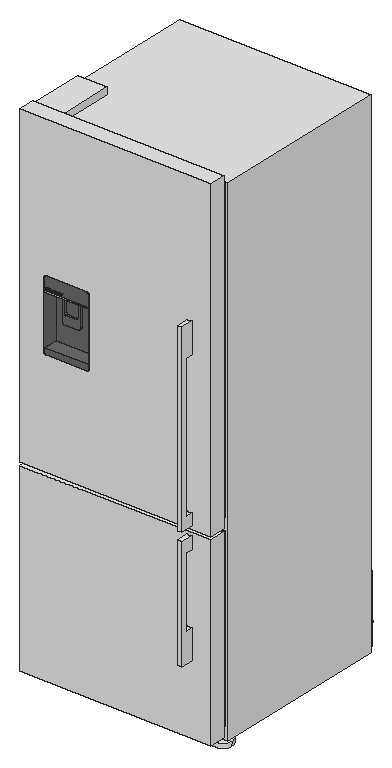
Revit family "Fisher & Paykel Fridge E402BLXFDU4", category Generic Models, host Floor, Revit 2013
Parameters
  URL = "www.fisherpaykel.com"
  Model = "E402BLXFDU4"
  Manufacturer = "Fisher&Paykel"
  Fridge = Fridge
  Designed by = "www.modlar.com"
  Description = "Fisher&Paykel Fridge E402BLXFDU4"
Reference planes
  plane 1 "Center (Front/Back)": y = 0
  plane 2: z = 0
  plane 3 "Center (Left/Right)": x = 0
Dimensions and locks
  equal spacing: host sketch curve, plane 1 "Center (Front/Back)", host sketch curve
  equal spacing: host sketch curve, plane 3 "Center (Left/Right)", host sketch curve
  host sketch curve to host sketch curve = 3048.000 mm  (x2)
  aligned and locked: level to plane 2
Nested families
  nested 1: "E402BLRXFDU4" at (0, 0, 0) x (-1, 0, 0) z (0, 0, 1), type "E402BLRXFDU4"
Definition of nested family "E402BLRXFDU4"
  Parameters (values of type "E402BLRXFDU4")
    Width = 635.000 mm
    URL = "www.fisherpaykel.com"
    Manufacturer = "Fisher&Paykel"
    Fridge = Fridge
    Model = "E402BLXFDU4"
    Height = 1715.000 mm
    Description = "Fisher&Paykel Fridge E402BLXFDU4"
    Depth = 665.000 mm
  Reference planes
    plane 1 "Center (Front/Back)": y = 0
    plane 2: z = 0
    plane 3 "Center (Left/Right)": x = 0
    plane 4: x = -317.5
    plane 5: y = 332.5
    plane 6: y = -332.5
    plane 7: x = 317.5
    plane 8: z = 1715
    plane 9: y = -277.5
    plane 10: z = 24
    plane 11: z = 41
    plane 12: z = 629
    plane 13: z = 639
    plane 14: y = -373.5
    plane 15: x = -254.138
    plane 16: x = -239.5
    plane 17: z = 1283.576
    plane 18: z = 648
    plane 19: z = 619
    plane 20: z = 246
    plane 21: z = 1688
    plane 22: y = -107.5
    plane 23: x = 316.5
    plane 24: y = 362.5
    plane 25: z = 255
    plane 26: z = 225
    plane 27: x = -297.5
    plane 28: x = 297.5
    plane 29: z = 85
    plane 30: x = 280
    plane 31: y = 382.5
    plane 32: z = 1709.5
    plane 33: z = 1688
    plane 34: y = -262.3
    plane 35: x = -309.7
    plane 36: x = 309.7
    plane 37: z = 1682.5
    plane 38: z = 686.5
    plane 39: z = 649
    plane 40: z = 63
    plane 41: z = 14
    plane 42: y = -215.5
    plane 43: y = -164.5
    plane 44: x = 283
    plane 45: z = 1610
    plane 46: x = 87.062
    plane 47: z = 1247.676
    plane 48 "Ice": y = -277.7
    plane 49: y = -243.577
    plane 50: y = -174.677
    plane 51: y = 266.823
  Forms (mm)
    Extrusion 1, solid, material "Fridge" <- "Fridge"
      sketch origin (0, 0, 0) x (1, 0, 0) y (0, 1, 0)
        loop
          line (-317, 332.5) -> (-317, -262.3) -> (317, -262.3) -> (317, 332.5) -> (-317, 332.5)
      from 24 to 1688
    Extrusion 2, solid, material "Fridge" <- "Fridge"
      sketch origin (0, 0, 0) x (1, 0, 0) y (0, 0, 1)
        loop
          line (-317.5, 41) -> (317.5, 41) -> (317.5, 653) -> (-317.5, 653) -> (-317.5, 41)
        loop
          line (-317.5, 663) -> (317.5, 663) -> (317.5, 1715) -> (-317.5, 1715) -> (-317.5, 663)
      from 277.5 to 332.5
    Extrusion 3, solid, material "Fridge" <- "Fridge"
      sketch origin (0.362, 0, 0) x (0, 1, 0) y (0, 0, 1)
        loop
          line (-373.5, 1283.576) -> (-373.5, 672.5) -> (-332.5, 672.5) -> (-332.5, 712.5) -> (-359.031, 712.5) -> (-359.031, 1183.576) -> (-332.5, 1183.576) -> (-332.5, 1283.576) -> (-373.5, 1283.576)
        loop
          line (-373.5, 643.5) -> (-373.5, 270.5) -> (-332.5, 270.5) -> (-332.5, 370.5) -> (-359.031, 370.5) -> (-359.031, 603.5) -> (-332.5, 603.5) -> (-332.5, 643.5) -> (-373.5, 643.5)
      from -254.5 to -239.5
    Extrusion 4, solid, material "Fridge" <- "Fridge"
      sketch origin (0, 0, 0) x (0, 1, 0) y (0, 0, 1)
        loop
          line (362.5, 24) -> (362.5, 248.611) -> (332.5, 278.611) -> (332.5, 24) -> (362.5, 24)
      from -297 to 297
    Extrusion 5, solid, material "Fridge" <- "Fridge"
      sketch origin (0, 0, 0) x (0, 1, 0) y (0, 0, 1)
        loop
          line (-277.5, 62.25) -> (-262.3, 62.25) -> (-262.3, 648.25) -> (-277.5, 648.25) -> (-277.5, 62.25)
        loop
          line (-277.5, 685.5) -> (-262.3, 685.5) -> (-262.3, 1682.4) -> (-277.5, 1682.4) -> (-277.5, 685.5)
      from -309.7 to 309.7
    Extrusion 6, solid, material "Fridge" <- "Fridge"
      sketch origin (0, -15.277, 0) x (1, 0, 0) y (0, 1, 0)
        loop
          circle (-288, -228.3) r 5
        loop
          circle (288, -228.3) r 5
      from 14 to 24
    Extrusion 7, solid, material "Fridge" <- "Fridge"
      sketch origin (0, -15.381, 0) x (1, 0, 0) y (0, 1, 0)
        loop
          circle (-288, -228.3) r 30
        loop
          circle (288, -228.3) r 30
      from 0 to 14
    Extrusion 8, solid, material "Fridge" <- "Fridge"
      sketch origin (0, 16.861, 0.038) x (0, 1, 0) y (0, 0, 1)
        loop
          line (-167.5, 23.962) -> (-215.5, 23.962)
          arc (-215.5, 23.962) -> (-191.5, -0.039) -> (-167.5, 23.962) r 24
        loop
          arc (225.962, 23.962) -> (249.962, -0.039) -> (273.962, 23.962) r 24
          line (273.962, 23.962) -> (225.962, 23.962)
      from 248 to 265
    Extrusion 9, solid, material "Fridge" <- "Fridge"
      sketch origin (0, -1.377, 0) x (0, 1, 0) y (0, 0, -1)
        loop
          arc (-149.262, -24) -> (-173.262, 0) -> (-197.262, -24) r 24
          line (-197.262, -24) -> (-149.262, -24)
        loop
          line (244.2, -24) -> (292.2, -24)
          arc (292.2, -24) -> (268.2, 0) -> (244.2, -24) r 24
      from 248 to 265
    Extrusion 10, solid, material "Fridge" <- "Fridge"
      sketch origin (0, 0, 0) x (1, 0, 0) y (0, 1, 0)
        loop
          line (218.9, -92.5) -> (218.9, -277.5) -> (315.9, -277.5) -> (315.9, -92.5) -> (218.9, -92.5)
      from 1688 to 1709.5
    Extrusion 11, void
      sketch origin (0, 0, 0) x (1, 0, 0) y (0, 0, 1)
        loop
          arc (95.062, 1247.676) -> (89.405, 1245.333) -> (87.062, 1239.676) r 8
          line (87.062, 1239.676) -> (87.062, 1020.076)
          arc (87.062, 1020.076) -> (89.405, 1014.419) -> (95.062, 1012.076) r 8
          line (95.062, 1012.076) -> (229.562, 1012.076)
          arc (229.562, 1012.076) -> (235.219, 1014.419) -> (237.562, 1020.076) r 8
          line (237.562, 1020.076) -> (237.562, 1239.676)
          arc (237.562, 1239.676) -> (235.219, 1245.333) -> (229.562, 1247.676) r 8
          line (229.562, 1247.676) -> (95.062, 1247.676)
      from 277.7 to 332.5
    Extrusion 12, solid, material "Fridge" <- "Fridge"
      sketch origin (0.486, 0, 0) x (-1, 0, 0) y (0, 0, -1)
        loop
          circle (280, -85) r 5
      from -362.5 to -382.5
  Cuts and joins
    Extrusion 11 cuts Extrusion 1
    Extrusion 11 cuts Extrusion 2
  Dimensions and locks
    equal spacing: plane 4, plane 3 "Center (Left/Right)", plane 7
    equal spacing: plane 5, plane 1 "Center (Front/Back)", plane 6
    "Depth": plane 5 to plane 6
    "Width": plane 4 to plane 7
    "Height": plane 8 to level
    plane 13 to plane 12 to plane 11 to plane 10 to level = 10.000 mm, 588.000 mm, 17.000 mm, 24.000 mm
    plane 14 to plane 6 = 41.000 mm
    plane 4 to plane 15 to plane 16 = 63.362 mm, 14.638 mm
    plane 21 to level = 1688.000 mm
    plane 22 to plane 9 = 170.000 mm
    plane 23 to plane 7 = 1.000 mm
    plane 24 to plane 6 = 695.000 mm
    level to plane 26 to plane 25 = 225.000 mm, 30.000 mm
    plane 4 to plane 27 = 20.000 mm
    plane 7 to plane 28 = 20.000 mm
    plane 29 to plane 10 = 61.000 mm
    plane 30 to plane 28 = 17.500 mm
    plane 31 to plane 24 = 20.000 mm
    plane 8 to plane 32 to plane 33 = 5.500 mm, 21.500 mm
    plane 34 to plane 9 = 15.200 mm
    plane 4 to plane 35 = 7.800 mm
    plane 7 to plane 36 = 7.800 mm
    plane 21 to plane 37 to plane 38 to plane 39 to plane 40 = 5.500 mm, 996.000 mm, 37.500 mm, 586.000 mm
    plane 10 to plane 41 = 10.000 mm
    plane 42 to plane 34 = 46.800 mm
    plane 6 to plane 9 to plane 34 = 55.000 mm, 15.200 mm
    plane 34 to plane 5 = 594.800 mm
    plane 20 to level = 246.000 mm
    plane 19 to level = 619.000 mm
    plane 12 to level = 629.000 mm
    plane 13 to level = 639.000 mm
    level to plane 18 = 648.000 mm
    level to plane 17 = 1283.576 mm
    plane 8 to plane 45 = 105.000 mm
    plane 4 to plane 15 = 63.362 mm
    plane 46 to Extrusion 2 = 404.562 mm
    plane 8 to plane 17 = 431.424 mm
    Extrusion 3 to Extrusion 3 = 611.076 mm
    Extrusion 3 to Extrusion 3 = 373.000 mm
    Extrusion 3 sketch curve to Extrusion 3 sketch curve = 100.000 mm
    Extrusion 2 to plane 47 = 467.324 mm
    locked: plane 50 to plane 49 at 68.9
    plane 51 to plane 50 = 441.500 mm
    aligned and locked: plane 2 to level
    aligned and locked: Extrusion 1 sketch curve to plane 5
    aligned and locked: Extrusion 1 to plane 10
    aligned and locked: Extrusion 2 sketch curve to plane 11
    aligned and locked: Extrusion 2 sketch curve to plane 4  (x2)
    aligned and locked: Extrusion 2 sketch curve to plane 7
    aligned and locked: plane 14 to Extrusion 3 sketch curve  (x2)
    aligned and locked: Extrusion 3 sketch curve to plane 6  (x2)
    aligned and locked: plane 21 to Extrusion 1
    aligned and locked: Extrusion 2 sketch curve to plane 8
    aligned and locked: plane 24 to Extrusion 4 sketch curve
    aligned and locked: plane 10 to Extrusion 4 sketch curve
    aligned and locked: plane 5 to Extrusion 4 sketch curve
    aligned and locked: Extrusion 1 sketch curve to plane 34
    aligned and locked: plane 9 to Extrusion 5 sketch curve  (x2)
    aligned and locked: Extrusion 5 sketch curve to plane 34  (x2)
    aligned and locked: Extrusion 6 to Extrusion 1
    aligned and locked: plane 41 to Extrusion 6
    aligned and locked: Extrusion 7 to level
    aligned and locked: Extrusion 7 to Extrusion 6
    aligned and locked: plane 6 to Extrusion 2
    aligned and locked: Extrusion 11 to plane 48 "Ice"
    aligned and locked: Extrusion 10 to plane 33
  Automatic sketch dimensions
    plane 4 to Extrusion 1 sketch curve = 0.500 mm
    plane 7 to Extrusion 1 sketch curve = 0.500 mm
    plane 7 to Extrusion 2 sketch curve = 0.000 mm
    Extrusion 2 sketch curve to plane 39 = 4.000 mm
    Extrusion 2 sketch curve to Extrusion 2 sketch curve = 10.000 mm
    Extrusion 3 sketch curve to plane 6 = 0.000 mm  (x2)
    plane 17 to Extrusion 3 sketch curve = 0.000 mm
    plane 14 to Extrusion 3 sketch curve = 14.469 mm  (x2)
    Extrusion 3 sketch curve to plane 38 = 26.000 mm
    plane 38 to Extrusion 3 sketch curve = 14.000 mm
    plane 13 to Extrusion 3 sketch curve = 4.500 mm
    plane 19 to Extrusion 3 sketch curve = 15.500 mm
    Extrusion 3 sketch curve to plane 25 = 115.500 mm
    Extrusion 3 sketch curve to plane 25 = 15.500 mm
    Extrusion 4 sketch curve to plane 20 = 2.611 mm
    Extrusion 4 sketch curve to plane 25 = 23.611 mm
    plane 40 to Extrusion 5 sketch curve = 0.750 mm
    Extrusion 5 sketch curve to plane 18 = 0.250 mm
    plane 38 to Extrusion 5 sketch curve = 1.000 mm
    plane 37 to Extrusion 5 sketch curve = 0.100 mm
    plane 27 to Extrusion 6 sketch curve = 9.500 mm
    plane 44 to Extrusion 6 sketch curve = 5.000 mm
    Extrusion 6 sketch curve to plane 34 = 18.723 mm  (x2)
    plane 27 to Extrusion 7 sketch curve = 9.500 mm
    plane 44 to Extrusion 7 sketch curve = 5.000 mm
    Extrusion 7 sketch curve to plane 34 = 18.619 mm  (x2)
    plane 10 to Extrusion 8 sketch curve = 0.000 mm  (x2)
    Extrusion 8 sketch curve to plane 42 = 16.861 mm
    Extrusion 8 sketch curve to plane 43 = 13.862 mm
    Extrusion 8 sketch curve to plane 5 = 89.677 mm
    Extrusion 8 sketch curve to plane 5 = 41.677 mm
    Extrusion 9 sketch curve to plane 10 = 0.000 mm  (x2)
    Extrusion 9 sketch curve to plane 42 = 16.861 mm
    Extrusion 9 sketch curve to plane 43 = 13.862 mm
    Extrusion 9 sketch curve to plane 5 = 89.677 mm
    Extrusion 9 sketch curve to plane 5 = 41.677 mm
    plane 9 to Extrusion 10 sketch curve = 0.000 mm
    Extrusion 10 sketch curve to plane 30 = 61.100 mm
    plane 22 to Extrusion 10 sketch curve = 15.000 mm
    Extrusion 10 sketch curve to plane 23 = 0.600 mm
    Extrusion 11 sketch curve to plane 46 = 0.000 mm
    Extrusion 11 sketch curve to plane 47 = 0.000 mm
    plane 46 to Extrusion 11 sketch curve = 8.000 mm  (x2)
    Extrusion 11 sketch curve to plane 47 = 235.600 mm
    Extrusion 11 sketch curve to plane 30 = 50.438 mm  (x2)
    Extrusion 11 sketch curve to plane 47 = 8.000 mm
    Extrusion 12 sketch curve to plane 29 = 0.000 mm
    Extrusion 12 sketch curve to plane 27 = 17.986 mm
    radius of Extrusion 6 sketch curve = 5.000 mm  (x2)
    radius of Extrusion 7 sketch curve = 30.000 mm  (x2)
    radius of Extrusion 12 sketch curve = 5.000 mm
  Nested families
    nested 1: "Ice maker" at (87.062, -277.7, 1012.076), type "Ice maker"
  Definition of nested family "Ice maker"
    Parameters (values of type "Ice maker")
      Right = yes
      Left = not(Right)  # no
      Ice maker = UHMW, Black
      Fridge = Fridge
      Frame = Steel, Polished
      Brand = none
    Reference planes
      plane 1 "Center (Front/Back)": y = 0
      plane 2: z = 0
      plane 3 "Center (Left/Right)": x = 0
      plane 4: y = -54.8
      plane 5: x = 150.5
      plane 6: z = 235.6
      plane 7: z = 20
      plane 8: z = 187.1
      plane 9: z = 192.6
      plane 10: z = 196.129
      plane 11: x = 5.31
      plane 12: x = 75.25
      plane 13 "ice": y = -27.4
      plane 14: y = -33.4
      plane 15: y = -30.4
      plane 16: z = 179.1
      plane 17: x = 1
      plane 18: x = 149.5
      plane 19: y = -5
      plane 20: x = 145.19
    Forms (mm)
      Extrusion 1, solid, material "Steel, Polished" <- "Frame"
        sketch origin (0, 0, 0) x (1, 0, 0) y (0, 0, 1)
          loop
            line (1, 187.1) -> (149.5, 187.1) -> (149.5, 192.6) -> (1, 192.6) -> (1, 187.1)
        from 0 to 54.8
      Extrusion 2, solid, material "UHMW, Black" <- "Ice maker"
        sketch origin (0, 0, 0) x (1, 0, 0) y (0, 0, 1)
          loop
            arc (8, 235.6) -> (2.343, 233.257) -> (0, 227.6) r 8
            line (0, 227.6) -> (0, 8)
            arc (0, 8) -> (2.343, 2.343) -> (8, 0) r 8
            line (8, 0) -> (142.5, 0)
            arc (142.5, 0) -> (148.157, 2.343) -> (150.5, 8) r 8
            line (150.5, 8) -> (150.5, 227.6)
            arc (150.5, 227.6) -> (148.157, 233.257) -> (142.5, 235.6) r 8
            line (142.5, 235.6) -> (8, 235.6)
          loop
            line (1, 192.6) -> (1, 20) -> (149.5, 20) -> (149.5, 192.6) -> (1, 192.6)
        from 0 to 54.8
      Extrusion 3, solid, material "Steel, Polished" <- "Frame", visible <- "Left"
        sketch origin (37.69, -18.414, 153.295) x (1, 0, 0) y (0, 0, 1)
          loop
            line (-30.953, 48.191) -> (-32.38, 42.834) -> (-31.094, 42.834) -> (-30.512, 45.035) -> (-27.529, 45.035) -> (-27.299, 45.885) -> (-30.282, 45.885) -> (-29.899, 47.34) -> (-26.756, 47.34) -> (-26.526, 48.191) -> (-30.953, 48.191)
          loop
            line (-26.37, 47.421) -> (-25.235, 47.421) -> (-25.024, 48.191) -> (-26.159, 48.191) -> (-26.37, 47.421)
          loop
            line (-26.592, 46.584) -> (-27.585, 42.834) -> (-26.45, 42.834) -> (-25.456, 46.584) -> (-26.592, 46.584)
          loop
            line (21.485, 42.834) -> (22.621, 42.834) -> (24.047, 48.191) -> (22.911, 48.191) -> (21.485, 42.834)
          loop
            spline (-19.682, 44.962) -> (-19.517, 45.32) -> (-19.341, 45.572) -> (-19.153, 45.737) -> (-18.952, 45.832) -> (-18.738, 45.876) -> (-18.508, 45.887) -> (-18.264, 45.882) -> (-18.022, 45.858) -> (-17.81, 45.8) -> (-17.657, 45.69) -> (-17.592, 45.513) -> (-17.643, 45.252)
            line (-17.643, 45.252) -> (-18.286, 42.834) -> (-17.152, 42.834) -> (-16.479, 45.379)
            spline (-16.479, 45.379) -> (-16.389, 45.941) -> (-16.539, 46.285) -> (-16.803, 46.475) -> (-17.067, 46.571) -> (-17.298, 46.611) -> (-17.511, 46.618) -> (-17.718, 46.618) -> (-17.94, 46.617) -> (-18.195, 46.613) -> (-18.507, 46.579) -> (-18.902, 46.407) -> (-19.41, 45.967)
            line (-19.41, 45.967) -> (-18.819, 48.191) -> (-19.953, 48.191) -> (-21.379, 42.834) -> (-20.244, 42.834) -> (-19.682, 44.962)
          loop
            line (-10.936, 46.584) -> (-11.93, 42.834) -> (-10.794, 42.834) -> (-10.213, 45.042)
            spline (-10.213, 45.042) -> (-10.076, 45.38) -> (-9.939, 45.609) -> (-9.796, 45.753) -> (-9.646, 45.834) -> (-9.484, 45.873) -> (-9.306, 45.893) -> (-9.115, 45.906) -> (-8.933, 45.895) -> (-8.784, 45.835) -> (-8.695, 45.704) -> (-8.689, 45.477) -> (-8.793, 45.132)
            line (-8.793, 45.132) -> (-7.722, 45.132)
            spline (-7.722, 45.132) -> (-7.605, 45.844) -> (-7.658, 46.21) -> (-7.808, 46.369) -> (-7.983, 46.455) -> (-8.159, 46.517) -> (-8.34, 46.555) -> (-8.531, 46.568) -> (-8.743, 46.561) -> (-8.983, 46.541) -> (-9.266, 46.475) -> (-9.612, 46.273) -> (-10.043, 45.842)
            line (-10.043, 45.842) -> (-9.801, 46.584) -> (-10.936, 46.584)
          loop
            line (9.569, 42.834) -> (10.392, 42.834)
            arc (10.392, 42.834) -> (10.001, 42.409) -> (9.549, 42.049) r 3.794
            arc (9.549, 42.049) -> (9.121, 41.885) -> (8.668, 41.959) r 0.881
            line (8.668, 41.959) -> (8.546, 41.188)
            arc (8.546, 41.188) -> (9.055, 41.176) -> (9.561, 41.241) r 3.394
            arc (9.561, 41.241) -> (10.199, 41.49) -> (10.719, 41.937) r 2.036
            arc (10.719, 41.937) -> (10.969, 42.261) -> (11.197, 42.601) r 6.112
            line (11.197, 42.601) -> (13.487, 46.584) -> (12.312, 46.584) -> (10.553, 43.42) -> (10.233, 46.584) -> (9.028, 46.584) -> (9.569, 42.834)
          loop
            line (14.08, 48.191) -> (12.646, 42.834) -> (13.782, 42.834) -> (14.223, 44.496) -> (15.035, 44.496) -> (16.119, 42.834) -> (17.378, 42.834) -> (15.943, 44.817) -> (18.042, 46.584) -> (16.873, 46.584) -> (15.227, 45.123) -> (14.395, 45.123) -> (15.206, 48.191) -> (14.08, 48.191)
          loop
            line (-1.576, 42.834) -> (-0.292, 42.834) -> (0.171, 44.56) -> (1.667, 44.56)
            spline (1.667, 44.56) -> (2.694, 44.606) -> (3.391, 44.734) -> (3.851, 44.93) -> (4.163, 45.179) -> (4.387, 45.479) -> (4.555, 45.835) -> (4.699, 46.253) -> (4.841, 46.732) -> (4.888, 47.232) -> (4.687, 47.686) -> (4.087, 48.027) -> (2.933, 48.191)
            line (2.933, 48.191) -> (-0.151, 48.191) -> (-1.576, 42.834)
          loop
            line (0.904, 47.34) -> (0.402, 45.444) -> (1.848, 45.444)
            spline (1.848, 45.444) -> (2.338, 45.429) -> (2.699, 45.492) -> (2.959, 45.62) -> (3.142, 45.799) -> (3.276, 46.016) -> (3.386, 46.255) -> (3.481, 46.504) -> (3.531, 46.746) -> (3.497, 46.966) -> (3.342, 47.149) -> (3.026, 47.279) -> (2.513, 47.34)
            line (2.513, 47.34) -> (0.904, 47.34)
          loop
            line (-14.963, 45.106) -> (-12.914, 45.106)
            spline (-12.914, 45.106) -> (-12.821, 45.458) -> (-12.859, 45.697) -> (-13.001, 45.845) -> (-13.218, 45.92) -> (-13.484, 45.946) -> (-13.77, 45.943) -> (-14.052, 45.926) -> (-14.315, 45.888) -> (-14.547, 45.807) -> (-14.739, 45.663) -> (-14.882, 45.436) -> (-14.963, 45.106)
          loop
            arc (-11.95, 44.545) -> (-11.803, 45.019) -> (-11.697, 45.504) r 5.692
            arc (-11.697, 45.504) -> (-11.756, 46.016) -> (-12.081, 46.416) r 0.918
            arc (-12.081, 46.416) -> (-13.12, 46.6) -> (-14.176, 46.585) r 5.573
            arc (-14.176, 46.585) -> (-15.14, 46.357) -> (-15.862, 45.678) r 1.918
            arc (-15.862, 45.678) -> (-16.288, 44.593) -> (-16.3, 43.427) r 3.23
            arc (-16.3, 43.427) -> (-15.896, 42.948) -> (-15.289, 42.794) r 1.025
            arc (-15.289, 42.794) -> (-14.279, 42.767) -> (-13.271, 42.836) r 10.666
            arc (-13.271, 42.836) -> (-12.426, 43.185) -> (-12.076, 44.03) r 1.194
            line (-12.076, 44.03) -> (-13.206, 44.03)
            spline (-13.206, 44.03) -> (-13.371, 43.751) -> (-13.583, 43.58) -> (-13.827, 43.493) -> (-14.091, 43.466) -> (-14.36, 43.476) -> (-14.621, 43.5) -> (-14.858, 43.532) -> (-15.056, 43.592) -> (-15.199, 43.702) -> (-15.268, 43.883) -> (-15.249, 44.157) -> (-15.124, 44.545)
            line (-15.124, 44.545) -> (-11.95, 44.545)
          loop
            line (18.517, 45.123) -> (20.565, 45.123)
            spline (20.565, 45.123) -> (20.658, 45.475) -> (20.62, 45.714) -> (20.479, 45.861) -> (20.262, 45.937) -> (19.996, 45.963) -> (19.709, 45.959) -> (19.427, 45.943) -> (19.165, 45.905) -> (18.932, 45.824) -> (18.74, 45.68) -> (18.598, 45.453) -> (18.517, 45.123)
          loop
            arc (21.53, 44.562) -> (21.677, 45.036) -> (21.782, 45.521) r 5.692
            arc (21.782, 45.521) -> (21.724, 46.033) -> (21.399, 46.432) r 0.918
            arc (21.399, 46.432) -> (20.359, 46.617) -> (19.303, 46.602) r 5.573
            arc (19.303, 46.602) -> (18.339, 46.374) -> (17.617, 45.695) r 1.918
            arc (17.617, 45.695) -> (17.192, 44.61) -> (17.179, 43.444) r 3.23
            arc (17.179, 43.444) -> (17.583, 42.965) -> (18.191, 42.811) r 1.025
            arc (18.191, 42.811) -> (19.201, 42.784) -> (20.209, 42.852) r 10.666
            arc (20.209, 42.852) -> (21.053, 43.202) -> (21.403, 44.047) r 1.194
            line (21.403, 44.047) -> (20.274, 44.047)
            spline (20.274, 44.047) -> (20.109, 43.768) -> (19.897, 43.597) -> (19.652, 43.51) -> (19.389, 43.483) -> (19.119, 43.493) -> (18.859, 43.517) -> (18.621, 43.549) -> (18.423, 43.609) -> (18.281, 43.719) -> (18.211, 43.9) -> (18.231, 44.174) -> (18.355, 44.562)
            line (18.355, 44.562) -> (21.53, 44.562)
          loop
            spline (8.727, 45.284) -> (8.767, 45.928) -> (8.592, 46.284) -> (8.282, 46.453) -> (7.919, 46.532) -> (7.547, 46.581) -> (7.16, 46.613) -> (6.754, 46.635) -> (6.321, 46.653) -> (5.868, 46.636) -> (5.423, 46.498) -> (5.014, 46.149) -> (4.67, 45.5)
            line (4.67, 45.5) -> (5.814, 45.5)
            arc (5.814, 45.5) -> (5.967, 45.868) -> (6.335, 46.02) r 0.521
            arc (6.335, 46.02) -> (6.897, 46.061) -> (7.449, 45.943) r 2.007
            arc (7.449, 45.943) -> (7.583, 45.269) -> (7.371, 44.615) r 1.364
            spline (7.371, 44.615) -> (6.424, 45.044) -> (5.63, 45.037) -> (5.005, 44.895) -> (4.533, 44.62) -> (4.211, 44.207) -> (4.069, 43.733) -> (4.108, 43.327) -> (4.335, 43.062) -> (4.808, 42.891) -> (5.514, 42.795) -> (6.382, 42.886) -> (7.26, 43.62)
            line (7.26, 43.62) -> (6.939, 42.834) -> (8.074, 42.834) -> (8.727, 45.284)
          loop
            spline (-25.881, 44.015) -> (-25.255, 42.812) -> (-23.957, 42.72) -> (-22.857, 42.862) -> (-22.011, 43.217) -> (-21.479, 43.851) -> (-21.425, 44.564) -> (-22.045, 44.999) -> (-23.23, 45.073) -> (-24.086, 45.198) -> (-24.196, 45.636) -> (-23.255, 46.038) -> (-22.313, 45.557)
            line (-22.313, 45.557) -> (-21.218, 45.557)
            spline (-21.218, 45.557) -> (-21.772, 46.528) -> (-22.971, 46.655) -> (-24.028, 46.598) -> (-24.852, 46.281) -> (-25.276, 45.566) -> (-25.313, 44.789) -> (-24.554, 44.462) -> (-23.468, 44.41) -> (-22.718, 44.271) -> (-22.607, 43.826) -> (-23.648, 43.358) -> (-24.592, 44.015)
            line (-24.592, 44.015) -> (-25.881, 44.015)
          loop
            arc (-2.802, 43.918) -> (-2.582, 44.437) -> (-2.453, 44.986) r 3.302
            line (-2.453, 44.986) -> (-3.196, 45.227)
            arc (-3.196, 45.227) -> (-3.295, 44.819) -> (-3.413, 44.415) r 8.608
            line (-3.413, 44.415) -> (-4.724, 45.477)
            spline (-4.724, 45.477) -> (-2.926, 45.913) -> (-2.429, 46.343) -> (-2.214, 46.922) -> (-2.312, 47.512) -> (-2.737, 47.807) -> (-3.315, 47.955) -> (-3.996, 48.038) -> (-4.775, 48.04) -> (-5.5, 47.89) -> (-6.064, 47.528) -> (-6.458, 46.921) -> (-6.256, 45.661)
            spline (-6.256, 45.661) -> (-7.342, 45.209) -> (-7.649, 44.733) -> (-7.781, 44.258) -> (-7.865, 43.731) -> (-7.774, 43.274) -> (-7.431, 43.02) -> (-6.975, 42.879) -> (-6.484, 42.802) -> (-5.939, 42.775) -> (-5.243, 42.772) -> (-4.344, 42.861) -> (-3.352, 43.364)
            line (-3.352, 43.364) -> (-2.466, 42.663) -> (-1.914, 43.215) -> (-2.802, 43.918)
          loop
            spline (-5.654, 45.33) -> (-6.41, 45.069) -> (-6.703, 44.63) -> (-6.848, 44.173) -> (-6.91, 43.787) -> (-6.825, 43.52) -> (-6.595, 43.372) -> (-6.273, 43.299) -> (-5.886, 43.268) -> (-5.406, 43.26) -> (-4.799, 43.263) -> (-4.149, 43.364) -> (-3.637, 43.735)
            line (-3.637, 43.735) -> (-5.654, 45.33)
          loop
            line (-5.087, 45.771) -> (-4.053, 45.935)
            spline (-4.053, 45.935) -> (-3.356, 46.297) -> (-3.248, 46.698) -> (-3.281, 46.97) -> (-3.456, 47.117) -> (-3.774, 47.172) -> (-4.164, 47.178) -> (-4.56, 47.158) -> (-4.909, 47.108) -> (-5.187, 47.005) -> (-5.427, 46.785) -> (-5.548, 46.388) -> (-5.087, 45.771)
          loop
            arc (6.715, 43.641) -> (6.681, 44.18) -> (6.217, 44.456) r 0.578
            arc (6.217, 44.456) -> (5.822, 44.446) -> (5.434, 44.377) r 2.611
            arc (5.434, 44.377) -> (5.07, 44.096) -> (5.024, 43.64) r 0.582
            arc (5.024, 43.64) -> (5.404, 43.436) -> (5.819, 43.315) r 2.102
            arc (5.819, 43.315) -> (6.311, 43.356) -> (6.715, 43.641) r 0.942
        from 36.386 to 37.386
      Extrusion 4, solid, material "UHMW, Black" <- "Ice maker"
        sketch origin (0, -27.4, 0) x (0, 0, 1) y (-1, 0, 0)
          loop
            line (187.1, -45.25) -> (105.1, -45.25)
            arc (105.1, -45.25) -> (99.443, -47.593) -> (97.1, -53.25) r 8
            line (97.1, -53.25) -> (97.1, -97.25)
            arc (97.1, -97.25) -> (99.443, -102.907) -> (105.1, -105.25) r 8
            line (105.1, -105.25) -> (187.1, -105.25) -> (187.1, -98.75) -> (133.6, -98.75)
            arc (133.6, -98.75) -> (128.297, -96.553) -> (126.1, -91.25) r 7.5
            line (126.1, -91.25) -> (126.1, -59.25)
            arc (126.1, -59.25) -> (128.297, -53.947) -> (133.6, -51.75) r 7.5
            line (133.6, -51.75) -> (187.1, -51.75) -> (187.1, -45.25)
        from 0 to 6
      Extrusion 5, solid, material "Steel, Polished" <- "Frame"
        sketch origin (0, 0, 0) x (1, 0, 0) y (0, 1, 0)
          loop
            circle (75.25, -30.4) r 7.5
        from 179.1 to 187.1
      Extrusion 6, solid, material "UHMW, Black" <- "Ice maker"
        sketch origin (0, -27.4, 0) x (0, 0, 1) y (-1, 0, 0)
          loop
            line (187.1, -1) -> (20, -1) -> (20, -149.5) -> (187.1, -149.5) -> (187.1, -1)
        from -27.4 to -22.4
      Extrusion 7, solid, material "Steel, Polished" <- "Frame", visible <- "Right"
        sketch origin (112.81, -18.414, 153.295) x (-1, 0, 0) y (0, 0, -1)
          loop
            line (-30.953, -48.191) -> (-26.526, -48.191) -> (-26.756, -47.34) -> (-29.899, -47.34) -> (-30.282, -45.885) -> (-27.299, -45.885) -> (-27.529, -45.035) -> (-30.512, -45.035) -> (-31.094, -42.834) -> (-32.38, -42.834) -> (-30.953, -48.191)
          loop
            line (-26.37, -47.421) -> (-26.159, -48.191) -> (-25.024, -48.191) -> (-25.235, -47.421) -> (-26.37, -47.421)
          loop
            line (-26.592, -46.584) -> (-25.456, -46.584) -> (-26.45, -42.834) -> (-27.585, -42.834) -> (-26.592, -46.584)
          loop
            line (21.485, -42.834) -> (22.911, -48.191) -> (24.047, -48.191) -> (22.621, -42.834) -> (21.485, -42.834)
          loop
            line (-19.682, -44.962) -> (-20.244, -42.834) -> (-21.379, -42.834) -> (-19.953, -48.191) -> (-18.819, -48.191) -> (-19.41, -45.967)
            spline (-19.41, -45.967) -> (-18.902, -46.407) -> (-18.507, -46.579) -> (-18.195, -46.613) -> (-17.94, -46.617) -> (-17.718, -46.618) -> (-17.511, -46.618) -> (-17.298, -46.611) -> (-17.067, -46.571) -> (-16.803, -46.475) -> (-16.539, -46.285) -> (-16.389, -45.941) -> (-16.479, -45.379)
            line (-16.479, -45.379) -> (-17.152, -42.834) -> (-18.286, -42.834) -> (-17.643, -45.252)
            spline (-17.643, -45.252) -> (-17.592, -45.513) -> (-17.657, -45.69) -> (-17.81, -45.8) -> (-18.022, -45.858) -> (-18.264, -45.882) -> (-18.508, -45.887) -> (-18.738, -45.876) -> (-18.952, -45.832) -> (-19.153, -45.737) -> (-19.341, -45.572) -> (-19.517, -45.32) -> (-19.682, -44.962)
          loop
            line (-10.936, -46.584) -> (-9.801, -46.584) -> (-10.043, -45.842)
            spline (-10.043, -45.842) -> (-9.612, -46.273) -> (-9.266, -46.475) -> (-8.983, -46.541) -> (-8.743, -46.561) -> (-8.531, -46.568) -> (-8.34, -46.555) -> (-8.159, -46.517) -> (-7.983, -46.455) -> (-7.808, -46.369) -> (-7.658, -46.21) -> (-7.605, -45.844) -> (-7.722, -45.132)
            line (-7.722, -45.132) -> (-8.793, -45.132)
            spline (-8.793, -45.132) -> (-8.689, -45.477) -> (-8.695, -45.704) -> (-8.784, -45.835) -> (-8.933, -45.895) -> (-9.115, -45.906) -> (-9.306, -45.893) -> (-9.484, -45.873) -> (-9.646, -45.834) -> (-9.796, -45.753) -> (-9.939, -45.609) -> (-10.076, -45.38) -> (-10.213, -45.042)
            line (-10.213, -45.042) -> (-10.794, -42.834) -> (-11.93, -42.834) -> (-10.936, -46.584)
          loop
            line (9.569, -42.834) -> (9.028, -46.584) -> (10.233, -46.584) -> (10.553, -43.42) -> (12.312, -46.584) -> (13.487, -46.584) -> (11.197, -42.601)
            arc (11.197, -42.601) -> (10.969, -42.261) -> (10.719, -41.937) r 6.112
            arc (10.719, -41.937) -> (10.199, -41.49) -> (9.561, -41.241) r 2.036
            arc (9.561, -41.241) -> (9.055, -41.176) -> (8.546, -41.188) r 3.394
            line (8.546, -41.188) -> (8.668, -41.959)
            arc (8.668, -41.959) -> (9.121, -41.885) -> (9.549, -42.049) r 0.881
            arc (9.549, -42.049) -> (10.001, -42.409) -> (10.392, -42.834) r 3.794
            line (10.392, -42.834) -> (9.569, -42.834)
          loop
            line (14.08, -48.191) -> (15.206, -48.191) -> (14.395, -45.123) -> (15.227, -45.123) -> (16.873, -46.584) -> (18.042, -46.584) -> (15.943, -44.817) -> (17.378, -42.834) -> (16.119, -42.834) -> (15.035, -44.496) -> (14.223, -44.496) -> (13.782, -42.834) -> (12.646, -42.834) -> (14.08, -48.191)
          loop
            line (-1.576, -42.834) -> (-0.151, -48.191) -> (2.933, -48.191)
            spline (2.933, -48.191) -> (4.087, -48.027) -> (4.687, -47.686) -> (4.888, -47.232) -> (4.841, -46.732) -> (4.699, -46.253) -> (4.555, -45.835) -> (4.387, -45.479) -> (4.163, -45.179) -> (3.851, -44.93) -> (3.391, -44.734) -> (2.694, -44.606) -> (1.667, -44.56)
            line (1.667, -44.56) -> (0.171, -44.56) -> (-0.292, -42.834) -> (-1.576, -42.834)
          loop
            line (0.904, -47.34) -> (2.513, -47.34)
            spline (2.513, -47.34) -> (3.026, -47.279) -> (3.342, -47.149) -> (3.497, -46.966) -> (3.531, -46.746) -> (3.481, -46.504) -> (3.386, -46.255) -> (3.276, -46.016) -> (3.142, -45.799) -> (2.959, -45.62) -> (2.699, -45.492) -> (2.338, -45.429) -> (1.848, -45.444)
            line (1.848, -45.444) -> (0.402, -45.444) -> (0.904, -47.34)
          loop
            spline (-14.963, -45.106) -> (-14.882, -45.436) -> (-14.739, -45.663) -> (-14.547, -45.807) -> (-14.315, -45.888) -> (-14.052, -45.926) -> (-13.77, -45.943) -> (-13.484, -45.946) -> (-13.218, -45.92) -> (-13.001, -45.845) -> (-12.859, -45.697) -> (-12.821, -45.458) -> (-12.914, -45.106)
            line (-12.914, -45.106) -> (-14.963, -45.106)
          loop
            line (-11.95, -44.545) -> (-15.124, -44.545)
            spline (-15.124, -44.545) -> (-15.249, -44.157) -> (-15.268, -43.883) -> (-15.199, -43.702) -> (-15.056, -43.592) -> (-14.858, -43.532) -> (-14.621, -43.5) -> (-14.36, -43.476) -> (-14.091, -43.466) -> (-13.827, -43.493) -> (-13.583, -43.58) -> (-13.371, -43.751) -> (-13.206, -44.03)
            line (-13.206, -44.03) -> (-12.076, -44.03)
            arc (-12.076, -44.03) -> (-12.426, -43.185) -> (-13.271, -42.836) r 1.194
            arc (-13.271, -42.836) -> (-14.279, -42.767) -> (-15.289, -42.794) r 10.666
            arc (-15.289, -42.794) -> (-15.896, -42.948) -> (-16.3, -43.427) r 1.025
            arc (-16.3, -43.427) -> (-16.288, -44.593) -> (-15.862, -45.678) r 3.23
            arc (-15.862, -45.678) -> (-15.14, -46.357) -> (-14.176, -46.585) r 1.918
            arc (-14.176, -46.585) -> (-13.12, -46.6) -> (-12.081, -46.416) r 5.573
            arc (-12.081, -46.416) -> (-11.756, -46.016) -> (-11.697, -45.504) r 0.918
            arc (-11.697, -45.504) -> (-11.803, -45.019) -> (-11.95, -44.545) r 5.692
          loop
            spline (18.517, -45.123) -> (18.598, -45.453) -> (18.74, -45.68) -> (18.932, -45.824) -> (19.165, -45.905) -> (19.427, -45.943) -> (19.709, -45.959) -> (19.996, -45.963) -> (20.262, -45.937) -> (20.479, -45.861) -> (20.62, -45.714) -> (20.658, -45.475) -> (20.565, -45.123)
            line (20.565, -45.123) -> (18.517, -45.123)
          loop
            line (21.53, -44.562) -> (18.355, -44.562)
            spline (18.355, -44.562) -> (18.231, -44.174) -> (18.211, -43.9) -> (18.281, -43.719) -> (18.423, -43.609) -> (18.621, -43.549) -> (18.859, -43.517) -> (19.119, -43.493) -> (19.389, -43.483) -> (19.652, -43.51) -> (19.897, -43.597) -> (20.109, -43.768) -> (20.274, -44.047)
            line (20.274, -44.047) -> (21.403, -44.047)
            arc (21.403, -44.047) -> (21.053, -43.202) -> (20.209, -42.852) r 1.194
            arc (20.209, -42.852) -> (19.201, -42.784) -> (18.191, -42.811) r 10.666
            arc (18.191, -42.811) -> (17.583, -42.965) -> (17.179, -43.444) r 1.025
            arc (17.179, -43.444) -> (17.192, -44.61) -> (17.617, -45.695) r 3.23
            arc (17.617, -45.695) -> (18.339, -46.374) -> (19.303, -46.602) r 1.918
            arc (19.303, -46.602) -> (20.359, -46.617) -> (21.399, -46.432) r 5.573
            arc (21.399, -46.432) -> (21.724, -46.033) -> (21.782, -45.521) r 0.918
            arc (21.782, -45.521) -> (21.677, -45.036) -> (21.53, -44.562) r 5.692
          loop
            line (8.727, -45.284) -> (8.074, -42.834) -> (6.939, -42.834) -> (7.26, -43.62)
            spline (7.26, -43.62) -> (6.382, -42.886) -> (5.514, -42.795) -> (4.808, -42.891) -> (4.335, -43.062) -> (4.108, -43.327) -> (4.069, -43.733) -> (4.211, -44.207) -> (4.533, -44.62) -> (5.005, -44.895) -> (5.63, -45.037) -> (6.424, -45.044) -> (7.371, -44.615)
            arc (7.371, -44.615) -> (7.583, -45.269) -> (7.449, -45.943) r 1.364
            arc (7.449, -45.943) -> (6.897, -46.061) -> (6.335, -46.02) r 2.007
            arc (6.335, -46.02) -> (5.967, -45.868) -> (5.814, -45.5) r 0.521
            line (5.814, -45.5) -> (4.67, -45.5)
            spline (4.67, -45.5) -> (5.014, -46.149) -> (5.423, -46.498) -> (5.868, -46.636) -> (6.321, -46.653) -> (6.754, -46.635) -> (7.16, -46.613) -> (7.547, -46.581) -> (7.919, -46.532) -> (8.282, -46.453) -> (8.592, -46.284) -> (8.767, -45.928) -> (8.727, -45.284)
          loop
            line (-25.881, -44.015) -> (-24.592, -44.015)
            spline (-24.592, -44.015) -> (-23.648, -43.358) -> (-22.607, -43.826) -> (-22.718, -44.271) -> (-23.468, -44.41) -> (-24.554, -44.462) -> (-25.313, -44.789) -> (-25.276, -45.566) -> (-24.852, -46.281) -> (-24.028, -46.598) -> (-22.971, -46.655) -> (-21.772, -46.528) -> (-21.218, -45.557)
            line (-21.218, -45.557) -> (-22.313, -45.557)
            spline (-22.313, -45.557) -> (-23.255, -46.038) -> (-24.196, -45.636) -> (-24.086, -45.198) -> (-23.23, -45.073) -> (-22.045, -44.999) -> (-21.425, -44.564) -> (-21.479, -43.851) -> (-22.011, -43.217) -> (-22.857, -42.862) -> (-23.957, -42.72) -> (-25.255, -42.812) -> (-25.881, -44.015)
          loop
            line (-2.802, -43.918) -> (-1.914, -43.215) -> (-2.466, -42.663) -> (-3.352, -43.364)
            spline (-3.352, -43.364) -> (-4.344, -42.861) -> (-5.243, -42.772) -> (-5.939, -42.775) -> (-6.484, -42.802) -> (-6.975, -42.879) -> (-7.431, -43.02) -> (-7.774, -43.274) -> (-7.865, -43.731) -> (-7.781, -44.258) -> (-7.649, -44.733) -> (-7.342, -45.209) -> (-6.256, -45.661)
            spline (-6.256, -45.661) -> (-6.458, -46.921) -> (-6.064, -47.528) -> (-5.5, -47.89) -> (-4.775, -48.04) -> (-3.996, -48.038) -> (-3.315, -47.955) -> (-2.737, -47.807) -> (-2.312, -47.512) -> (-2.214, -46.922) -> (-2.429, -46.343) -> (-2.926, -45.913) -> (-4.724, -45.477)
            line (-4.724, -45.477) -> (-3.413, -44.415)
            arc (-3.413, -44.415) -> (-3.295, -44.819) -> (-3.196, -45.227) r 8.608
            line (-3.196, -45.227) -> (-2.453, -44.986)
            arc (-2.453, -44.986) -> (-2.582, -44.437) -> (-2.802, -43.918) r 3.302
          loop
            line (-5.654, -45.33) -> (-3.637, -43.735)
            spline (-3.637, -43.735) -> (-4.149, -43.364) -> (-4.799, -43.263) -> (-5.406, -43.26) -> (-5.886, -43.268) -> (-6.273, -43.299) -> (-6.595, -43.372) -> (-6.825, -43.52) -> (-6.91, -43.787) -> (-6.848, -44.173) -> (-6.703, -44.63) -> (-6.41, -45.069) -> (-5.654, -45.33)
          loop
            spline (-5.087, -45.771) -> (-5.548, -46.388) -> (-5.427, -46.785) -> (-5.187, -47.005) -> (-4.909, -47.108) -> (-4.56, -47.158) -> (-4.164, -47.178) -> (-3.774, -47.172) -> (-3.456, -47.117) -> (-3.281, -46.97) -> (-3.248, -46.698) -> (-3.356, -46.297) -> (-4.053, -45.935)
            line (-4.053, -45.935) -> (-5.087, -45.771)
          loop
            arc (6.715, -43.641) -> (6.311, -43.356) -> (5.819, -43.315) r 0.942
            arc (5.819, -43.315) -> (5.404, -43.436) -> (5.024, -43.64) r 2.102
            arc (5.024, -43.64) -> (5.07, -44.096) -> (5.434, -44.377) r 0.582
            arc (5.434, -44.377) -> (5.822, -44.446) -> (6.217, -44.456) r 2.611
            arc (6.217, -44.456) -> (6.681, -44.18) -> (6.715, -43.641) r 0.578
        from 36.386 to 37.386
    Dimensions and locks
      locked: plane 1 "Center (Front/Back)" to plane 4 at 54.8
      locked: plane 3 "Center (Left/Right)" to plane 5 at 150.5
      locked: plane 6 to level at 235.6
      locked: plane 7 to level at 20
      locked: plane 6 to plane 9 at 43
      locked: plane 9 to plane 8 at 5.5
      locked: plane 6 to plane 10 at 39.471
      locked: plane 11 to plane 3 "Center (Left/Right)" at 5.31
      equal spacing: plane 5, plane 12, plane 3 "Center (Left/Right)"
      locked: plane 8 to plane 16 at 8
      plane 1 "Center (Front/Back)" to plane 4 = 54.800 mm
      plane 5 to plane 20 = 5.310 mm
      aligned and locked: plane 2 to level
    Automatic sketch dimensions
      Extrusion 1 sketch curve to plane 9 = 0.000 mm
      Extrusion 1 sketch curve to plane 17 = 0.000 mm
      Extrusion 1 sketch curve to plane 18 = 0.000 mm
      Extrusion 1 sketch curve to plane 8 = 0.000 mm
      Extrusion 2 sketch curve to plane 3 "Center (Left/Right)" = 0.000 mm
      Extrusion 2 sketch curve to plane 7 = 0.000 mm
      Extrusion 2 sketch curve to plane 17 = 0.000 mm
      Extrusion 2 sketch curve to level = 0.000 mm
      Extrusion 2 sketch curve to plane 6 = 0.000 mm
      Extrusion 2 sketch curve to plane 18 = 0.000 mm
      Extrusion 2 sketch curve to plane 5 = 0.000 mm
      Extrusion 2 sketch curve to plane 9 = 0.000 mm
      plane 11 to Extrusion 2 sketch curve = 2.690 mm  (x2)
      Extrusion 2 sketch curve to plane 20 = 2.690 mm  (x2)
      Extrusion 3 sketch curve to plane 10 = 0.000 mm  (x11)
      Extrusion 3 sketch curve to plane 11 = 0.000 mm
      Extrusion 3 sketch curve to plane 10 = 1.646 mm
      Extrusion 3 sketch curve to Extrusion 3 sketch curve = 1.286 mm
      plane 11 to Extrusion 3 sketch curve = 1.427 mm
      plane 11 to Extrusion 3 sketch curve = 1.868 mm
      Extrusion 3 sketch curve to Extrusion 3 sketch curve = 0.231 mm  (x3)
      Extrusion 3 sketch curve to Extrusion 3 sketch curve = 1.055 mm  (x2)
      Extrusion 3 sketch curve to Extrusion 3 sketch curve = 3.509 mm
      Extrusion 3 sketch curve to Extrusion 3 sketch curve = 0.056 mm
      Extrusion 3 sketch curve to Extrusion 3 sketch curve = 0.230 mm
      Extrusion 3 sketch curve to Extrusion 3 sketch curve = 0.543 mm
      Extrusion 3 sketch curve to Extrusion 3 sketch curve = 0.165 mm
      Extrusion 3 sketch curve to Extrusion 3 sketch curve = 1.135 mm  (x6)
      Extrusion 3 sketch curve to Extrusion 3 sketch curve = 0.386 mm
      Extrusion 3 sketch curve to Extrusion 3 sketch curve = 0.367 mm
      Extrusion 3 sketch curve to Extrusion 3 sketch curve = 0.569 mm
      Extrusion 3 sketch curve to Extrusion 3 sketch curve = 1.136 mm  (x2)
      Extrusion 3 sketch curve to Extrusion 3 sketch curve = 0.221 mm
      Extrusion 3 sketch curve to Extrusion 3 sketch curve = 0.210 mm
      Extrusion 3 sketch curve to Extrusion 3 sketch curve = 1.289 mm
      plane 10 to Extrusion 3 sketch curve = 2.723 mm
      Extrusion 3 sketch curve to Extrusion 3 sketch curve = 2.279 mm
      Extrusion 3 sketch curve to Extrusion 3 sketch curve = 0.934 mm
      Extrusion 3 sketch curve to Extrusion 3 sketch curve = 1.095 mm
      Extrusion 3 sketch curve to Extrusion 3 sketch curve = 1.265 mm
      plane 10 to Extrusion 3 sketch curve = 2.128 mm
      Extrusion 3 sketch curve to Extrusion 3 sketch curve = 1.536 mm
      plane 10 to Extrusion 3 sketch curve = 3.133 mm
      Extrusion 3 sketch curve to Extrusion 3 sketch curve = 0.272 mm
      Extrusion 3 sketch curve to Extrusion 3 sketch curve = 1.134 mm
      Extrusion 3 sketch curve to Extrusion 3 sketch curve = 1.958 mm
      plane 10 to Extrusion 3 sketch curve = 2.418 mm
      Extrusion 3 sketch curve to Extrusion 3 sketch curve = 1.767 mm
      plane 10 to Extrusion 3 sketch curve = 2.545 mm
      Extrusion 3 sketch curve to Extrusion 3 sketch curve = 1.164 mm
      Extrusion 3 sketch curve to Extrusion 3 sketch curve = 1.355 mm  (x2)
      Extrusion 3 sketch curve to Extrusion 3 sketch curve = 0.161 mm  (x3)
      plane 10 to Extrusion 3 sketch curve = 1.196 mm
      Extrusion 3 sketch curve to Extrusion 3 sketch curve = 1.918 mm  (x2)
      Extrusion 3 sketch curve to Extrusion 3 sketch curve = 0.291 mm  (x2)
      Extrusion 3 sketch curve to Extrusion 3 sketch curve = 1.129 mm  (x2)
      Extrusion 3 sketch curve to Extrusion 3 sketch curve = 0.127 mm  (x2)
      Extrusion 3 sketch curve to Extrusion 3 sketch curve = 0.146 mm
      plane 10 to Extrusion 3 sketch curve = 3.750 mm  (x4)
      Extrusion 3 sketch curve to Extrusion 3 sketch curve = 1.014 mm
      plane 10 to Extrusion 3 sketch curve = 2.208 mm
      Extrusion 3 sketch curve to Extrusion 3 sketch curve = 0.723 mm
      plane 10 to Extrusion 3 sketch curve = 3.008 mm
      Extrusion 3 sketch curve to Extrusion 3 sketch curve = 0.170 mm
      Extrusion 3 sketch curve to Extrusion 3 sketch curve = 0.241 mm
      plane 10 to Extrusion 3 sketch curve = 2.298 mm
      Extrusion 3 sketch curve to Extrusion 3 sketch curve = 1.420 mm
      Extrusion 3 sketch curve to Extrusion 3 sketch curve = 1.071 mm
      plane 10 to Extrusion 3 sketch curve = 2.827 mm
      Extrusion 3 sketch curve to Extrusion 3 sketch curve = 1.466 mm
      plane 10 to Extrusion 3 sketch curve = 2.496 mm
      Extrusion 3 sketch curve to Extrusion 3 sketch curve = 0.602 mm
      plane 10 to Extrusion 3 sketch curve = 2.937 mm
      Extrusion 3 sketch curve to Extrusion 3 sketch curve = 0.567 mm
      plane 10 to Extrusion 3 sketch curve = 2.643 mm
      Extrusion 3 sketch curve to Extrusion 3 sketch curve = 0.363 mm
      plane 10 to Extrusion 3 sketch curve = 3.101 mm
      Extrusion 3 sketch curve to Extrusion 3 sketch curve = 0.671 mm
      plane 10 to Extrusion 3 sketch curve = 0.900 mm
      Extrusion 3 sketch curve to Extrusion 3 sketch curve = 1.087 mm
      plane 10 to Extrusion 3 sketch curve = 1.581 mm
      Extrusion 3 sketch curve to Extrusion 3 sketch curve = 0.224 mm
      plane 10 to Extrusion 3 sketch curve = 0.530 mm
      Extrusion 3 sketch curve to Extrusion 3 sketch curve = 0.285 mm
      plane 10 to Extrusion 3 sketch curve = 2.393 mm
      Extrusion 3 sketch curve to Extrusion 3 sketch curve = 0.217 mm
      plane 10 to Extrusion 3 sketch curve = 1.084 mm
      Extrusion 3 sketch curve to Extrusion 3 sketch curve = 0.550 mm
      Extrusion 3 sketch curve to plane 10 = 0.171 mm
      Extrusion 3 sketch curve to Extrusion 3 sketch curve = 0.886 mm
      plane 10 to Extrusion 3 sketch curve = 2.152 mm
      Extrusion 3 sketch curve to Extrusion 3 sketch curve = 0.743 mm
      plane 10 to Extrusion 3 sketch curve = 0.381 mm
      Extrusion 3 sketch curve to Extrusion 3 sketch curve = 0.552 mm
      Extrusion 3 sketch curve to Extrusion 3 sketch curve = 0.338 mm
      Extrusion 3 sketch curve to Extrusion 3 sketch curve = 1.285 mm
      plane 10 to Extrusion 3 sketch curve = 5.356 mm  (x3)
      Extrusion 3 sketch curve to Extrusion 3 sketch curve = 2.302 mm
      Extrusion 3 sketch curve to Extrusion 3 sketch curve = 0.462 mm
      plane 10 to Extrusion 3 sketch curve = 2.610 mm
      plane 10 to Extrusion 3 sketch curve = 4.506 mm
      Extrusion 3 sketch curve to Extrusion 3 sketch curve = 1.496 mm
      Extrusion 3 sketch curve to Extrusion 3 sketch curve = 0.181 mm
      Extrusion 3 sketch curve to Extrusion 3 sketch curve = 1.609 mm
      Extrusion 3 sketch curve to Extrusion 3 sketch curve = 0.419 mm
      Extrusion 3 sketch curve to Extrusion 3 sketch curve = 2.822 mm
      Extrusion 3 sketch curve to Extrusion 3 sketch curve = 1.144 mm
      Extrusion 3 sketch curve to Extrusion 3 sketch curve = 1.125 mm
      plane 10 to Extrusion 3 sketch curve = 0.786 mm
      Extrusion 3 sketch curve to Extrusion 3 sketch curve = 0.321 mm
      plane 10 to Extrusion 3 sketch curve = 1.781 mm
      Extrusion 3 sketch curve to Extrusion 3 sketch curve = 0.111 mm
      Extrusion 3 sketch curve to Extrusion 3 sketch curve = 0.814 mm
      Extrusion 3 sketch curve to Extrusion 3 sketch curve = 0.472 mm
      Extrusion 3 sketch curve to plane 10 = 0.875 mm
      Extrusion 3 sketch curve to Extrusion 3 sketch curve = 0.122 mm
      plane 10 to Extrusion 3 sketch curve = 2.450 mm
      Extrusion 3 sketch curve to Extrusion 3 sketch curve = 0.302 mm
      Extrusion 3 sketch curve to Extrusion 3 sketch curve = 0.901 mm
      Extrusion 3 sketch curve to Extrusion 3 sketch curve = 1.204 mm
      Extrusion 3 sketch curve to Extrusion 3 sketch curve = 0.822 mm
      plane 10 to Extrusion 3 sketch curve = 0.586 mm
      Extrusion 3 sketch curve to plane 10 = 0.234 mm
      Extrusion 3 sketch curve to Extrusion 3 sketch curve = 0.805 mm
      Extrusion 3 sketch curve to Extrusion 3 sketch curve = 2.080 mm
      Extrusion 3 sketch curve to Extrusion 3 sketch curve = 1.449 mm
      Extrusion 3 sketch curve to Extrusion 3 sketch curve = 1.175 mm
      Extrusion 3 sketch curve to Extrusion 3 sketch curve = 0.593 mm
      plane 10 to Extrusion 3 sketch curve = 1.662 mm
      Extrusion 3 sketch curve to Extrusion 3 sketch curve = 0.441 mm
      Extrusion 3 sketch curve to Extrusion 3 sketch curve = 0.172 mm
      Extrusion 3 sketch curve to Extrusion 3 sketch curve = 0.812 mm  (x2)
      Extrusion 3 sketch curve to Extrusion 3 sketch curve = 1.126 mm
      plane 10 to Extrusion 3 sketch curve = 2.289 mm
      Extrusion 3 sketch curve to Extrusion 3 sketch curve = 0.191 mm
      plane 10 to Extrusion 3 sketch curve = 1.983 mm
      Extrusion 3 sketch curve to Extrusion 3 sketch curve = 0.717 mm
      Extrusion 3 sketch curve to Extrusion 3 sketch curve = 1.084 mm
      Extrusion 3 sketch curve to Extrusion 3 sketch curve = 0.930 mm
      Extrusion 3 sketch curve to Extrusion 3 sketch curve = 1.259 mm
      Extrusion 3 sketch curve to Extrusion 3 sketch curve = 1.169 mm
      Extrusion 3 sketch curve to Extrusion 3 sketch curve = 0.977 mm
      plane 10 to Extrusion 3 sketch curve = 1.213 mm
      Extrusion 3 sketch curve to Extrusion 3 sketch curve = 0.082 mm
      Extrusion 3 sketch curve to Extrusion 3 sketch curve = 2.346 mm
      Extrusion 3 sketch curve to Extrusion 3 sketch curve = 0.336 mm
      Extrusion 3 sketch curve to Extrusion 3 sketch curve = 0.851 mm  (x3)
      Extrusion 3 sketch curve to Extrusion 3 sketch curve = 0.617 mm
      Extrusion 3 sketch curve to Extrusion 3 sketch curve = 0.000 mm  (x9)
      Extrusion 3 sketch curve to Extrusion 3 sketch curve = 0.228 mm  (x3)
      Extrusion 3 sketch curve to plane 10 = 0.040 mm
      Extrusion 3 sketch curve to Extrusion 3 sketch curve = 0.063 mm
      Extrusion 3 sketch curve to Extrusion 3 sketch curve = 4.320 mm
      Extrusion 3 sketch curve to Extrusion 3 sketch curve = 0.731 mm  (x2)
      Extrusion 3 sketch curve to Extrusion 3 sketch curve = 0.787 mm
      Extrusion 3 sketch curve to Extrusion 3 sketch curve = 1.638 mm
      plane 10 to Extrusion 3 sketch curve = 0.001 mm
      Extrusion 3 sketch curve to Extrusion 3 sketch curve = 0.089 mm  (x2)
      Extrusion 3 sketch curve to Extrusion 3 sketch curve = 0.312 mm  (x2)
      Extrusion 3 sketch curve to Extrusion 3 sketch curve = 0.522 mm  (x2)
      Extrusion 3 sketch curve to Extrusion 3 sketch curve = 0.905 mm  (x2)
      Extrusion 3 sketch curve to Extrusion 3 sketch curve = 0.471 mm
      Extrusion 3 sketch curve to Extrusion 3 sketch curve = 0.067 mm
      Extrusion 3 sketch curve to Extrusion 3 sketch curve = 0.354 mm
      Extrusion 3 sketch curve to Extrusion 3 sketch curve = 0.410 mm
      Extrusion 3 sketch curve to Extrusion 3 sketch curve = 0.555 mm
      Extrusion 3 sketch curve to Extrusion 3 sketch curve = 0.240 mm
      Extrusion 3 sketch curve to Extrusion 3 sketch curve = 0.556 mm
      Extrusion 3 sketch curve to Extrusion 3 sketch curve = 0.196 mm
      Extrusion 3 sketch curve to Extrusion 3 sketch curve = 0.854 mm
      Extrusion 3 sketch curve to Extrusion 3 sketch curve = 0.199 mm  (x2)
      Extrusion 3 sketch curve to Extrusion 3 sketch curve = 0.385 mm
      Extrusion 3 sketch curve to Extrusion 3 sketch curve = 0.022 mm
      Extrusion 3 sketch curve to Extrusion 3 sketch curve = 0.324 mm
      Extrusion 3 sketch curve to Extrusion 3 sketch curve = 0.545 mm
      Extrusion 3 sketch curve to Extrusion 3 sketch curve = 0.042 mm  (x2)
      Extrusion 3 sketch curve to Extrusion 3 sketch curve = 0.036 mm
      Extrusion 3 sketch curve to Extrusion 3 sketch curve = 0.151 mm
      Extrusion 3 sketch curve to plane 10 = 0.073 mm
      Extrusion 3 sketch curve to Extrusion 3 sketch curve = 0.537 mm
      plane 10 to Extrusion 3 sketch curve = 0.401 mm
      Extrusion 3 sketch curve to Extrusion 3 sketch curve = 0.119 mm
      Extrusion 3 sketch curve to plane 10 = 0.786 mm
      Extrusion 3 sketch curve to Extrusion 3 sketch curve = 0.011 mm
      Extrusion 3 sketch curve to Extrusion 3 sketch curve = 0.478 mm
      Extrusion 3 sketch curve to Extrusion 3 sketch curve = 0.700 mm
      Extrusion 3 sketch curve to Extrusion 3 sketch curve = 0.425 mm
      Extrusion 3 sketch curve to plane 10 = 0.023 mm
      Extrusion 3 sketch curve to Extrusion 3 sketch curve = 3.775 mm
      Extrusion 3 sketch curve to Extrusion 3 sketch curve = 1.261 mm
      Extrusion 3 sketch curve to Extrusion 3 sketch curve = 1.574 mm
      Extrusion 3 sketch curve to Extrusion 3 sketch curve = 0.065 mm
      plane 10 to Extrusion 3 sketch curve = 1.181 mm
      Extrusion 3 sketch curve to Extrusion 3 sketch curve = 0.834 mm
      Extrusion 3 sketch curve to Extrusion 3 sketch curve = 0.884 mm
      plane 10 to Extrusion 3 sketch curve = 1.728 mm
      plane 10 to Extrusion 3 sketch curve = 2.201 mm
      Extrusion 3 sketch curve to Extrusion 3 sketch curve = 0.561 mm  (x2)
      Extrusion 3 sketch curve to Extrusion 3 sketch curve = 0.335 mm
      Extrusion 3 sketch curve to Extrusion 3 sketch curve = 0.699 mm
      Extrusion 3 sketch curve to Extrusion 3 sketch curve = 1.455 mm
      Extrusion 3 sketch curve to Extrusion 3 sketch curve = 0.836 mm
      Extrusion 3 sketch curve to Extrusion 3 sketch curve = 2.224 mm
      plane 9 to Extrusion 3 sketch curve = 1.740 mm
      plane 9 to Extrusion 3 sketch curve = 1.757 mm
      Extrusion 3 sketch curve to plane 10 = 0.986 mm
      Extrusion 3 sketch curve to Extrusion 3 sketch curve = 0.481 mm
      plane 10 to Extrusion 3 sketch curve = 0.593 mm
      plane 10 to Extrusion 3 sketch curve = 0.610 mm
      Extrusion 3 sketch curve to Extrusion 3 sketch curve = 0.054 mm  (x2)
      Extrusion 3 sketch curve to Extrusion 3 sketch curve = 0.417 mm
      Extrusion 4 sketch curve to plane 8 = 0.000 mm  (x2)
      plane 12 to Extrusion 4 sketch curve = 30.000 mm
      plane 12 to Extrusion 4 sketch curve = 23.500 mm
      Extrusion 4 sketch curve to plane 16 = 45.500 mm
      Extrusion 4 sketch curve to plane 12 = 23.500 mm
      Extrusion 4 sketch curve to Extrusion 4 sketch curve = 0.000 mm
      Extrusion 4 sketch curve to Extrusion 4 sketch curve = 7.500 mm
      Extrusion 4 sketch curve to Extrusion 4 sketch curve = 21.000 mm  (x2)
      Extrusion 4 sketch curve to Extrusion 4 sketch curve = 8.000 mm
      Extrusion 4 sketch curve to plane 12 = 22.000 mm
      Extrusion 5 sketch curve to plane 12 = 0.000 mm
      plane 15 to Extrusion 5 sketch curve = 0.000 mm
      Extrusion 6 sketch curve to plane 7 = 0.000 mm
      Extrusion 6 sketch curve to plane 8 = 0.000 mm
      Extrusion 6 sketch curve to plane 18 = 0.000 mm
      Extrusion 6 sketch curve to plane 17 = 0.000 mm
      Extrusion 7 sketch curve to plane 10 = 0.000 mm  (x11)
      Extrusion 7 sketch curve to plane 20 = 0.000 mm
      Extrusion 7 sketch curve to plane 20 = 1.427 mm
      plane 10 to Extrusion 7 sketch curve = 5.356 mm  (x4)
      Extrusion 7 sketch curve to plane 20 = 1.286 mm
      Extrusion 7 sketch curve to plane 20 = 1.868 mm
      Extrusion 7 sketch curve to Extrusion 7 sketch curve = 0.231 mm  (x3)
      Extrusion 7 sketch curve to Extrusion 7 sketch curve = 1.055 mm  (x2)
      Extrusion 7 sketch curve to Extrusion 7 sketch curve = 3.509 mm
      Extrusion 7 sketch curve to Extrusion 7 sketch curve = 0.056 mm
      Extrusion 7 sketch curve to Extrusion 7 sketch curve = 0.230 mm
      Extrusion 7 sketch curve to Extrusion 7 sketch curve = 0.543 mm
      Extrusion 7 sketch curve to Extrusion 7 sketch curve = 0.165 mm
      Extrusion 7 sketch curve to Extrusion 7 sketch curve = 1.135 mm  (x6)
      Extrusion 7 sketch curve to Extrusion 7 sketch curve = 0.386 mm
      Extrusion 7 sketch curve to Extrusion 7 sketch curve = 0.367 mm
      Extrusion 7 sketch curve to Extrusion 7 sketch curve = 0.569 mm
      Extrusion 7 sketch curve to Extrusion 7 sketch curve = 1.136 mm  (x2)
      Extrusion 7 sketch curve to Extrusion 7 sketch curve = 0.221 mm
      Extrusion 7 sketch curve to Extrusion 7 sketch curve = 0.210 mm
      Extrusion 7 sketch curve to Extrusion 7 sketch curve = 1.289 mm
      plane 10 to Extrusion 7 sketch curve = 2.723 mm
      Extrusion 7 sketch curve to Extrusion 7 sketch curve = 2.279 mm
      Extrusion 7 sketch curve to Extrusion 7 sketch curve = 0.934 mm
      Extrusion 7 sketch curve to Extrusion 7 sketch curve = 1.095 mm
      Extrusion 7 sketch curve to Extrusion 7 sketch curve = 1.265 mm
      plane 10 to Extrusion 7 sketch curve = 2.128 mm
      Extrusion 7 sketch curve to Extrusion 7 sketch curve = 1.536 mm
      plane 10 to Extrusion 7 sketch curve = 3.133 mm
      Extrusion 7 sketch curve to Extrusion 7 sketch curve = 0.272 mm
      Extrusion 7 sketch curve to Extrusion 7 sketch curve = 1.134 mm
      Extrusion 7 sketch curve to Extrusion 7 sketch curve = 1.958 mm
      plane 10 to Extrusion 7 sketch curve = 2.418 mm
      Extrusion 7 sketch curve to Extrusion 7 sketch curve = 1.767 mm
      plane 10 to Extrusion 7 sketch curve = 2.545 mm
      Extrusion 7 sketch curve to Extrusion 7 sketch curve = 1.164 mm
      Extrusion 7 sketch curve to Extrusion 7 sketch curve = 1.355 mm  (x2)
      Extrusion 7 sketch curve to Extrusion 7 sketch curve = 0.161 mm  (x3)
      plane 10 to Extrusion 7 sketch curve = 1.196 mm
      Extrusion 7 sketch curve to Extrusion 7 sketch curve = 1.918 mm  (x2)
      Extrusion 7 sketch curve to Extrusion 7 sketch curve = 0.291 mm  (x2)
      Extrusion 7 sketch curve to Extrusion 7 sketch curve = 1.129 mm  (x2)
      Extrusion 7 sketch curve to Extrusion 7 sketch curve = 0.127 mm  (x2)
      Extrusion 7 sketch curve to Extrusion 7 sketch curve = 0.146 mm
      plane 10 to Extrusion 7 sketch curve = 3.750 mm  (x4)
      Extrusion 7 sketch curve to Extrusion 7 sketch curve = 1.014 mm
      plane 10 to Extrusion 7 sketch curve = 2.208 mm
      Extrusion 7 sketch curve to Extrusion 7 sketch curve = 0.723 mm
      plane 10 to Extrusion 7 sketch curve = 3.008 mm
      Extrusion 7 sketch curve to Extrusion 7 sketch curve = 0.170 mm
      Extrusion 7 sketch curve to Extrusion 7 sketch curve = 0.241 mm
      plane 10 to Extrusion 7 sketch curve = 2.298 mm
      Extrusion 7 sketch curve to Extrusion 7 sketch curve = 1.420 mm
      Extrusion 7 sketch curve to Extrusion 7 sketch curve = 1.071 mm
      plane 10 to Extrusion 7 sketch curve = 2.827 mm
      Extrusion 7 sketch curve to Extrusion 7 sketch curve = 1.466 mm
      plane 10 to Extrusion 7 sketch curve = 2.496 mm
      Extrusion 7 sketch curve to Extrusion 7 sketch curve = 0.602 mm
